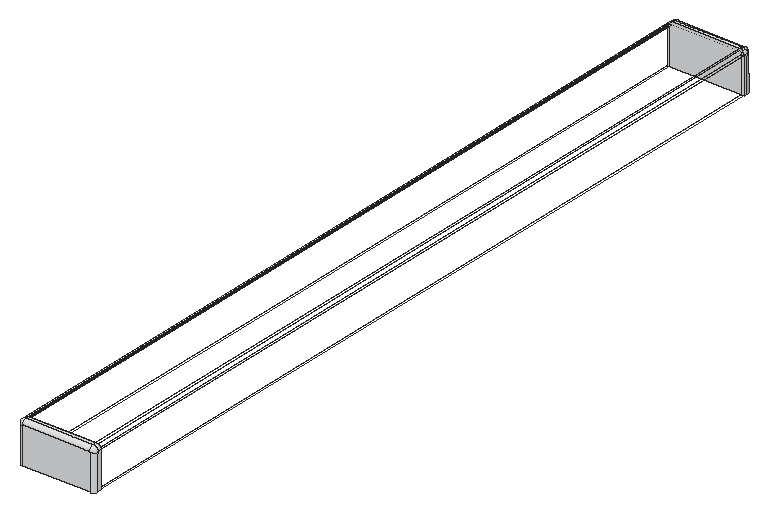
Revit family "Lighting - Alva Lidea Wall Sconce", category Lighting Fixtures, host Face, Revit 2021
Family settings
  Host = Face
  Round Connector Dimension = Use Diameter
  Part Type = Normal
  Cut with Voids When Loaded = No
  Light Source = Yes
  Shared = No
  Room Calculation Point = No
Parameters (values of type "46" Linear Cross White 3000k")
  Wattage Comments = ""
  Wattage = 32.3141 W
  built-in parameter 1150110 = 1 (stored number, unit not read)
  URL = "https://www.alvalight.com/lidea"
  Type Comments = "FULLY SEALED, 120-277V INPUT, ELV/TRIAC DIMMING, 5 YEAR LIMITED WARRANTY, 90 CRI"
  built-in parameter 1114217 = 1 (stored number, unit not read)
  built-in parameter 1150109 = 1 (stored number, unit not read)
  built-in parameter 1150134 = (empty or 0)
  built-in parameter 1150113 = 1 (stored number, unit not read)
  Mounting Location = if(Height < 1' 11", 0' 3 1/2", Height / 2)  # 1' - 10 3/4"
  Model = "AU L60W 30 9 SR4W46H LC WHT"
  Metal = ALVA Matt White
  Manufacturer = "AUBERGE LIGHTING"
  built-in parameter 1150105 = 381.97 (stored number, unit not read)
  Lumens = 4800 lm
  built-in parameter 1150115 = 1 (stored number, unit not read)
  Light Source Symbol Size = 2' - 0"
  built-in parameter 1150137 = (empty or 0)
  built-in parameter 1150139 = (empty or 0)
  Lens = ALVA Linear Cross
  built-in parameter 1150112 = 1 (stored number, unit not read)
  built-in parameter 1150114 = 1 (stored number, unit not read)
  Lamp = "LED"
  built-in parameter 1150132 = 2
  built-in parameter 1150102 = (empty or 0)
  built-in parameter 1150107 = 3000 (stored number, unit not read)
  built-in parameter 1150138 = (empty or 0)
  built-in parameter 1150106 = 3.8197 (stored number, unit not read)
  Height = 3' - 9 1/2"
  Emit from Line Length = Height  # 3' - 9 1/2"
  built-in parameter 1150104 = 13.8 (stored number, unit not read)
  Dimming Lamp Color Temperature Shift = <None>
  Description = "FULLY SEALED HEALTHCARE GRADE LAMP SHADE, HIGH PERFORMANCE LED WALL SCONCE"
  Default Elevation = 4' - 0"
  Color Filter = 16777215
  Cap Depth = 0' - 0 27/64"  # constant formula
  built-in parameter 1114218 = 1 (stored number, unit not read)
  built-in parameter 1150133 = 10 (stored number, unit not read)
  Apparent Load = 50.5 VA
Types (7): name | Wattage | Mounting Location | Model | Metal | built-in parameter 1150105 | Lumens | Lens | built-in parameter 1150107 | built-in parameter 1150106 | Height | Emit from Line Length | Apparent Load
  (no name) | 32.3141 W | 1' - 10 3/4" | "AU L60W 30 9 SR4W46H LC WHT" | ALVA Matt White | 381.97 (stored number, unit not read) | 4800 lm | ALVA Linear Cross | 3000 (stored number, unit not read) | 3.8197 (stored number, unit not read) | 3' - 9 1/2" | 3' - 9 1/2" | 50.5 VA
  12" Burano Nickel 2700k | 8.2401 W | 0' - 3 1/2" | "AU L15W 27 9 SR4W12H B ESN" | ALVA Eviro Satin Nickel | 97.403 (stored number, unit not read) | 1224 lm | ALVA Burano | 2700 (stored number, unit not read) | 0.97403 (stored number, unit not read) | 1' - 0" | 1' - 0" | 24 VA
  12" Island Breeze Bronze 3000k | 8.2401 W | 0' - 3 1/2" | "AU L15W 30 9 SR4W12H IB ESN" | ALVA Enviro Oil-Rubbed Bronze | 97.403 (stored number, unit not read) | 1224 lm | ALVA Island Breeze | 3000 (stored number, unit not read) | 0.97403 (stored number, unit not read) | 1' - 0" | 1' - 0" | 24 VA
  12" Gold Shimmer White 3500k | 8.2401 W | 0' - 3 1/2" | "AU L15W 35 9 SR4W12H GS WHT" | ALVA Matt White | 97.403 (stored number, unit not read) | 1224 lm | ALVA Gold Shimmer | 3500 (stored number, unit not read) | 0.97403 (stored number, unit not read) | 1' - 0" | 1' - 0" | 24 VA
  24" White Nickel 2700k | 16.1571 W | 0' - 11 1/2" | "AU L30W 27 9 SR4W23H W ESN" | ALVA Eviro Satin Nickel | 190.99 (stored number, unit not read) | 2400 lm | ALVA White Resin | 2700 (stored number, unit not read) | 1.9099 (stored number, unit not read) | 1' - 11" | 1' - 11" | 25.2 VA
  34" Autumn Bronze 2700k | 24.2356 W | 1' - 5" | "AU L45W 27 9 SR434H A EOB" | ALVA Enviro Oil-Rubbed Bronze | 286.48 (stored number, unit not read) | 3600 lm | ALVA Autumn | 3500 (stored number, unit not read) | 2.8648 (stored number, unit not read) | 2' - 10" | 2' - 10" | 38 VA
  46" Linear Cross White 3000k | 32.3141 W | 1' - 10 3/4" | "AU L60W 30 9 SR4W46H LC WHT" | ALVA Matt White | 381.97 (stored number, unit not read) | 4800 lm | ALVA Linear Cross | 3000 (stored number, unit not read) | 3.8197 (stored number, unit not read) | 3' - 9 1/2" | 3' - 9 1/2" | 50.5 VA
Reference planes (in)
  plane 1 "Center (Front/Back)": y = -14.5
  plane 2 "Wall Face": z = 0
  plane 3 "Center (Left/Right)": x = 0
  plane 4 "Top": y = 8.25
  plane 5 "Bottom": y = -37.25
  plane 6 "Lens Top": y = 7.82813
  plane 7 "Lens Bottom": y = -36.82812
  plane 8 "Front": z = 2.25
Forms (in)
  Sweep 1, solid, material "ALVA Linear Cross" <- "Lens"
    path origin (0, 0, 0) x (1, 0, 0) y (0, 1, 0)
      loop
        line (0, 7.82813) -> (0, -36.82812)
    profile origin (0, -14.5, 0) x (1, 0, 0) y (0, 0, 1)
      loop
        line (1.875, 2.25) -> (-1.875, 2.25)
        arc (-1.875, 2.25) -> (-2.05178, 2.17678) -> (-2.125, 2) r 0.25
        line (-2.125, 2) -> (-2, 2)
        arc (-2, 2) -> (-1.96339, 2.08839) -> (-1.875, 2.125) r 0.125
        line (-1.875, 2.125) -> (1.875, 2.125)
        arc (1.875, 2.125) -> (1.96339, 2.08839) -> (2, 2) r 0.125
        line (2, 2) -> (2.125, 2)
        arc (2.125, 2) -> (2.05178, 2.17678) -> (1.875, 2.25) r 0.25
  Extrusion 2, solid, material "ALVA Linear Cross" <- "Lens"
    sketch origin (0, 0, 0) x (1, 0, 0) y (0, 1, 0)
      loop
        line (2.125, -36.82812) -> (2.125, 7.82813) -> (2, 7.82813) -> (2, -36.82812) -> (2.125, -36.82812)
      loop
        line (-2.125, -36.82812) -> (-2, -36.82812) -> (-2, 7.82813) -> (-2.125, 7.82813) -> (-2.125, -36.82812)
    from 0 to 2
Dimensions and locks (in)
  "Height": plane 4 "Top" to plane 5 "Bottom"
  "Cap Depth": plane 4 "Top" to plane 6 "Lens Top"
  "Cap Depth": plane 5 "Bottom" to plane 7 "Lens Bottom"
  plane 8 "Front" to host face = 0' - 2 1/4"
  "Mounting Location": plane 5 "Bottom" to plane 1 "Center (Front/Back)"
  equal spacing: plane 4 "Top", imposter light, plane 5 "Bottom"
  aligned and locked: plane 2 "Wall Face" to host face
  aligned and locked: level to host face
  aligned and locked: nested 1 to plane 6 "Lens Top"
  aligned and locked: plane 3 "Center (Left/Right)" to nested 1
  aligned and locked: nested 2 to plane 3 "Center (Left/Right)"
  aligned and locked: plane 6 "Lens Top" to Sweep 1 sketch curve
  aligned and locked: plane 7 "Lens Bottom" to Sweep 1 sketch curve
  aligned and locked: Sweep 1 sketch curve to plane 3 "Center (Left/Right)"
  aligned and locked: plane 8 "Front" to imposter light
  aligned and locked: plane 3 "Center (Left/Right)" to imposter light
  aligned and locked: nested 2 to plane 7 "Lens Bottom"
  aligned and locked: Extrusion 2 to Sweep 1
  aligned and locked: Extrusion 2 sketch curve to plane 6 "Lens Top"
  aligned and locked: plane 6 "Lens Top" to Extrusion 2 sketch curve
  aligned and locked: Extrusion 2 sketch curve to plane 7 "Lens Bottom"
  aligned and locked: plane 7 "Lens Bottom" to Extrusion 2 sketch curve
Automatic sketch dimensions
  host sketch curve to host sketch curve = 8' - 0"  (x2)
  Sweep 1 sketch curve to Sweep 1 sketch curve = 0' - 0"  (x2)
  Sweep 1 sketch curve to Sweep 1 sketch curve = 0' - 0 1/8"  (x3)
  Sweep 1 sketch curve to profile plane = 0' - 1 7/8"
  level to Sweep 1 sketch curve = 0' - 2"
  profile plane to Sweep 1 sketch curve = 0' - 1 7/8"
  Extrusion 2 sketch curve to plane 3 "Center (Left/Right)" = 0' - 2 1/8"
  Extrusion 2 sketch curve to Extrusion 2 sketch curve = 0' - 0 1/8"  (x2)
  plane 3 "Center (Left/Right)" to Extrusion 2 sketch curve = 0' - 2"
Nested families (in)
  nested 1: "Cap" at (0, 7.82813, 0), Height <- "Cap Depth", type "Cap"
    with Height 0' - 0 27/64"
  nested 2: "Cap" at (0, -36.82812, 0) x (-1, 0, 0) z (0, 0, 1), Height <- "Cap Depth", type "Cap"
    with Height 0' - 0 27/64"
Definition of nested family "Cap"
  Parameters (values of type "Cap")
    Metal = none
    Height [instance] = 0' - 2"
    Default Elevation = 4' - 0"
  Reference planes (in)
    plane 1 "Center (Front/Back)": y = 0
    plane 2: z = 0
    plane 3 "Center (Left/Right)": x = 0
    plane 4: y = 2
  Forms (in)
    Extrusion 1, solid
      sketch origin (0, 0, 0) x (1, 0, 0) y (0, 1, 0)
        loop
          line (-48, 48) -> (-48, -48) -> (48, -48) -> (48, 48) -> (-48, 48)
      from 0 to -12
    Extrusion 2, solid, material <- "Metal"
      sketch origin (0, 0, 0) x (1, 0, 0) y (0, 0, 1)
        loop
          line (2.125, 0) -> (2.125, 1.98438)
          arc (2.125, 1.98438) -> (2.0472, 2.1722) -> (1.85938, 2.25) r 0.26562
          line (1.85938, 2.25) -> (-1.85937, 2.25)
          arc (-1.85937, 2.25) -> (-2.0472, 2.1722) -> (-2.125, 1.98438) r 0.26562
          line (-2.125, 1.98438) -> (-2.125, 0) -> (2.125, 0)
      from -2 to 0
    Sweep 3, void
      path in 3D
        loop
          line (-2.125, 2, 0) -> (-2.125, 2, 1.98438)
          arc (-2.125, 2, 1.98438) -> (-2.0472, 2, 2.1722) -> (-1.85937, 2, 2.25) r 0.26562
          line (-1.85937, 2, 2.25) -> (1.85938, 2, 2.25)
          arc (1.85938, 2, 2.25) -> (2.0472, 2, 2.1722) -> (2.125, 2, 1.98438) r 0.26562
          line (2.125, 2, 1.98438) -> (2.125, 2, 0)
      profile origin (2.125, 2, 0.99219) x (1, 0, 0) y (0, 1, 0)
        loop
          line (0.18742, -0.23906) -> (0.18742, 0.19766) -> (-0.23906, 0.19766) -> (-0.23906, 0)
          arc (-0.23906, 0) -> (-0.07002, -0.07002) -> (0, -0.23906) r 0.23906
          line (0, -0.23906) -> (0.18742, -0.23906)
  Cuts and joins
    Sweep 3 cuts Extrusion 2
  Lines and regions (in)
    sketch lines
      curve 1: line (2.125, 2, 1.98438) -> (2.125, 2, 0)
      curve 2: arc (2.125, 2, 1.98438) -> (2.0472, 2, 2.1722) -> (1.85938, 2, 2.25) r 0.26562
      curve 3: line (-1.85937, 2, 2.25) -> (1.85938, 2, 2.25)
      curve 4: arc (-1.85937, 2, 2.25) -> (-2.0472, 2, 2.1722) -> (-2.125, 2, 1.98438) r 0.26562
      curve 5: line (-2.125, 2, 0) -> (-2.125, 2, 1.98438)
  Dimensions and locks (in)
    "Height": plane 4 to plane 1 "Center (Front/Back)"
    aligned and locked: plane 2 to Extrusion 1
    aligned and locked: level to Extrusion 1
    aligned and locked: plane 4 to Extrusion 2
    aligned and locked: plane 1 "Center (Front/Back)" to Extrusion 2
  Automatic sketch dimensions
    Extrusion 1 sketch curve to Extrusion 1 sketch curve = 8' - 0"  (x2)
    Extrusion 2 sketch curve to level = 0' - 0"
    Extrusion 2 sketch curve to plane 3 "Center (Left/Right)" = 0' - 2 1/8"
    Extrusion 2 sketch curve to Extrusion 2 sketch curve = 0' - 0 17/64"  (x2)
    plane 3 "Center (Left/Right)" to Extrusion 2 sketch curve = 0' - 1 55/64"
    Extrusion 2 sketch curve to Extrusion 2 sketch curve = 0' - 1 63/64"
    profile plane to Sweep 3 sketch curve = 0' - 0"
    Sweep 3 sketch curve to profile plane = 0' - 0"
    Sweep 3 sketch curve to profile plane = 0' - 0.23906"
    profile plane to Sweep 3 sketch curve = 0' - 0.18742"
    Sweep 3 sketch curve to profile plane = 0' - 0.19766"
